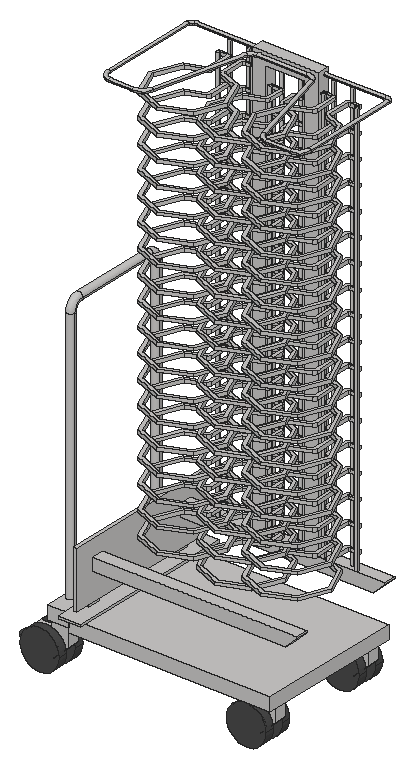
Revit family "QF_ELECTROLUXPROFESSIONAL_922756_TRBA54PL2011C", category Attrezzature speciali, Revit 2020 (continued)
Forms (mm)
  Extrusion 66, solid, material "QF_Finishes_Stainless Steel"
    sketch origin (-166.471, -23.659, 934.272) x (1, 0, 0) y (0, 1, 0)
      loop
        line (432.38, -165.946) -> (494.562, -192.341) -> (527.147, -272.992) -> (493.159, -353.062) -> (412.508, -385.647) -> (332.438, -351.659) -> (299.853, -271.008) -> (333.841, -190.938) -> (390.034, -168.235)
        arc (390.034, -168.235) -> (394.578, -164.555) -> (396.288, -158.963) r 10
        line (396.288, -158.963) -> (396.288, -85.841)
        arc (396.288, -85.841) -> (393.359, -78.77) -> (386.288, -75.841) r 10
        line (386.288, -75.841) -> (353.5, -75.841) -> (353.5, -82.841) -> (381.288, -82.841)
        arc (381.288, -82.841) -> (384.823, -84.305) -> (386.288, -87.841) r 5
        line (386.288, -87.841) -> (386.288, -155.591)
        arc (386.288, -155.591) -> (385.433, -158.386) -> (383.161, -160.226) r 5
        line (383.161, -160.226) -> (326.254, -183.218) -> (289.03, -270.914) -> (324.718, -359.246) -> (412.414, -396.47) -> (500.746, -360.782)
    from 44.728 to 54.728
  Extrusion 67, solid, material "QF_Finishes_Stainless Steel"
    sketch origin (994.581, -23.659, 954) x (-1, 0, 0) y (0, -1, 0)
      loop
        line (506.746, 360.782) -> (418.414, 396.47) -> (330.718, 359.246) -> (295.03, 270.914) -> (332.254, 183.218) -> (389.161, 160.226)
        arc (389.161, 160.226) -> (391.433, 158.386) -> (392.288, 155.591) r 5
        line (392.288, 155.591) -> (392.288, 87.841)
        arc (392.288, 87.841) -> (390.823, 84.305) -> (387.288, 82.841) r 5
        line (387.288, 82.841) -> (359.5, 82.841) -> (359.5, 75.841) -> (392.288, 75.841)
        arc (392.288, 75.841) -> (399.359, 78.77) -> (402.288, 85.841) r 10
        line (402.288, 85.841) -> (402.288, 158.963)
        arc (402.288, 158.963) -> (400.578, 164.555) -> (396.034, 168.235) r 10
        line (396.034, 168.235) -> (339.841, 190.938) -> (305.853, 271.008) -> (338.438, 351.659) -> (418.508, 385.647) -> (499.159, 353.062) -> (533.147, 272.992) -> (500.562, 192.341) -> (438.38, 165.946)
        arc (438.38, 165.946) -> (433.949, 162.261) -> (432.288, 156.741) r 10
        line (432.288, 156.741) -> (432.288, 85.841)
        arc (432.288, 85.841) -> (435.216, 78.77) -> (442.288, 75.841) r 10
        line (442.288, 75.841) -> (475.075, 75.841) -> (475.075, 82.841) -> (447.288, 82.841)
        arc (447.288, 82.841) -> (443.752, 84.305) -> (442.288, 87.841) r 5
        line (442.288, 87.841) -> (442.288, 153.432)
        arc (442.288, 153.432) -> (443.118, 156.192) -> (445.334, 158.034) r 5
        line (445.334, 158.034) -> (508.282, 184.754) -> (543.97, 273.086) -> (506.746, 360.782)
    from 25 to 35
  Extrusion 68, solid, material "QF_Finishes_Stainless Steel"
    sketch origin (0, 0, 820) x (1, 0, 0) y (0, 1, 0)
      loop
        line (500.746, -360.782) -> (537.97, -273.086) -> (502.282, -184.754) -> (439.334, -158.034)
        arc (439.334, -158.034) -> (437.118, -156.192) -> (436.288, -153.432) r 5
        line (436.288, -153.432) -> (436.288, -111.5)
        arc (436.288, -111.5) -> (437.752, -107.964) -> (441.288, -106.5) r 5
        line (441.288, -106.5) -> (469.075, -106.5) -> (469.075, -99.5) -> (436.288, -99.5)
        arc (436.288, -99.5) -> (429.216, -102.429) -> (426.288, -109.5) r 10
        line (426.288, -109.5) -> (426.288, -156.741)
        arc (426.288, -156.741) -> (427.949, -162.261) -> (432.38, -165.946) r 10
        line (432.38, -165.946) -> (494.562, -192.341) -> (527.147, -272.992) -> (493.159, -353.062) -> (412.508, -385.647) -> (332.438, -351.659) -> (299.853, -271.008) -> (333.841, -190.938) -> (390.034, -168.235)
        arc (390.034, -168.235) -> (394.578, -164.555) -> (396.288, -158.963) r 10
        line (396.288, -158.963) -> (396.288, -109.5)
        arc (396.288, -109.5) -> (393.359, -102.429) -> (386.288, -99.5) r 10
        line (386.288, -99.5) -> (353.5, -99.5) -> (353.5, -106.5) -> (381.288, -106.5)
        arc (381.288, -106.5) -> (384.823, -107.964) -> (386.288, -111.5) r 5
        line (386.288, -111.5) -> (386.288, -155.591)
        arc (386.288, -155.591) -> (385.433, -158.386) -> (383.161, -160.226) r 5
        line (383.161, -160.226) -> (326.254, -183.218) -> (289.03, -270.914) -> (324.718, -359.246) -> (412.414, -396.47) -> (500.746, -360.782)
    from 47.621 to 57.621
  Extrusion 69, solid, material "QF_Finishes_Stainless Steel"
    sketch origin (-166.471, -23.659, 860.272) x (1, 0, 0) y (0, 1, 0)
      loop
        line (500.746, -360.782) -> (537.97, -273.086) -> (502.282, -184.754) -> (439.334, -158.034)
        arc (439.334, -158.034) -> (437.118, -156.192) -> (436.288, -153.432) r 5
        line (436.288, -153.432) -> (436.288, -87.841)
        arc (436.288, -87.841) -> (437.752, -84.305) -> (441.288, -82.841) r 5
        line (441.288, -82.841) -> (469.075, -82.841) -> (469.075, -75.841) -> (436.288, -75.841)
        arc (436.288, -75.841) -> (429.216, -78.77) -> (426.288, -85.841) r 10
        line (426.288, -85.841) -> (426.288, -156.741)
        arc (426.288, -156.741) -> (427.949, -162.261) -> (432.38, -165.946) r 10
        line (432.38, -165.946) -> (494.562, -192.341) -> (527.147, -272.992) -> (493.159, -353.062) -> (412.508, -385.647) -> (332.438, -351.659) -> (299.853, -271.008) -> (333.841, -190.938) -> (390.034, -168.235)
        arc (390.034, -168.235) -> (394.578, -164.555) -> (396.288, -158.963) r 10
        line (396.288, -158.963) -> (396.288, -85.841)
        arc (396.288, -85.841) -> (393.359, -78.77) -> (386.288, -75.841) r 10
        line (386.288, -75.841) -> (353.5, -75.841) -> (353.5, -82.841) -> (381.288, -82.841)
        arc (381.288, -82.841) -> (384.823, -84.305) -> (386.288, -87.841) r 5
        line (386.288, -87.841) -> (386.288, -155.591)
        arc (386.288, -155.591) -> (385.433, -158.386) -> (383.161, -160.226) r 5
        line (383.161, -160.226) -> (326.254, -183.218) -> (289.03, -270.914) -> (324.718, -359.246) -> (412.414, -396.47) -> (500.746, -360.782)
    from 44.728 to 54.728
  Extrusion 70, solid, material "QF_Finishes_Stainless Steel"
    sketch origin (994.581, -23.659, 880) x (-1, 0, 0) y (0, -1, 0)
      loop
        line (506.746, 360.782) -> (418.414, 396.47) -> (330.718, 359.246) -> (295.03, 270.914) -> (332.254, 183.218) -> (389.161, 160.226)
        arc (389.161, 160.226) -> (391.433, 158.386) -> (392.288, 155.591) r 5
        line (392.288, 155.591) -> (392.288, 87.841)
        arc (392.288, 87.841) -> (390.823, 84.305) -> (387.288, 82.841) r 5
        line (387.288, 82.841) -> (359.5, 82.841) -> (359.5, 75.841) -> (392.288, 75.841)
        arc (392.288, 75.841) -> (399.359, 78.77) -> (402.288, 85.841) r 10
        line (402.288, 85.841) -> (402.288, 158.963)
        arc (402.288, 158.963) -> (400.578, 164.555) -> (396.034, 168.235) r 10
        line (396.034, 168.235) -> (339.841, 190.938) -> (305.853, 271.008) -> (338.438, 351.659) -> (418.508, 385.647) -> (499.159, 353.062) -> (533.147, 272.992) -> (500.562, 192.341) -> (438.38, 165.946)
        arc (438.38, 165.946) -> (433.949, 162.261) -> (432.288, 156.741) r 10
        line (432.288, 156.741) -> (432.288, 85.841)
        arc (432.288, 85.841) -> (435.216, 78.77) -> (442.288, 75.841) r 10
        line (442.288, 75.841) -> (475.075, 75.841) -> (475.075, 82.841) -> (447.288, 82.841)
        arc (447.288, 82.841) -> (443.752, 84.305) -> (442.288, 87.841) r 5
        line (442.288, 87.841) -> (442.288, 153.432)
        arc (442.288, 153.432) -> (443.118, 156.192) -> (445.334, 158.034) r 5
        line (445.334, 158.034) -> (508.282, 184.754) -> (543.97, 273.086) -> (506.746, 360.782)
    from 25 to 35
  Extrusion 71, solid, material "QF_Finishes_Stainless Steel"
    sketch origin (0, 0, 746) x (1, 0, 0) y (0, 1, 0)
      loop
        line (500.746, -360.782) -> (537.97, -273.086) -> (502.282, -184.754) -> (439.334, -158.034)
        arc (439.334, -158.034) -> (437.118, -156.192) -> (436.288, -153.432) r 5
        line (436.288, -153.432) -> (436.288, -111.5)
        arc (436.288, -111.5) -> (437.752, -107.964) -> (441.288, -106.5) r 5
        line (441.288, -106.5) -> (469.075, -106.5) -> (469.075, -99.5) -> (436.288, -99.5)
        arc (436.288, -99.5) -> (429.216, -102.429) -> (426.288, -109.5) r 10
        line (426.288, -109.5) -> (426.288, -156.741)
        arc (426.288, -156.741) -> (427.949, -162.261) -> (432.38, -165.946) r 10
        line (432.38, -165.946) -> (494.562, -192.341) -> (527.147, -272.992) -> (493.159, -353.062) -> (412.508, -385.647) -> (332.438, -351.659) -> (299.853, -271.008) -> (333.841, -190.938) -> (390.034, -168.235)
        arc (390.034, -168.235) -> (394.578, -164.555) -> (396.288, -158.963) r 10
        line (396.288, -158.963) -> (396.288, -109.5)
        arc (396.288, -109.5) -> (393.359, -102.429) -> (386.288, -99.5) r 10
        line (386.288, -99.5) -> (353.5, -99.5) -> (353.5, -106.5) -> (381.288, -106.5)
        arc (381.288, -106.5) -> (384.823, -107.964) -> (386.288, -111.5) r 5
        line (386.288, -111.5) -> (386.288, -155.591)
        arc (386.288, -155.591) -> (385.433, -158.386) -> (383.161, -160.226) r 5
        line (383.161, -160.226) -> (326.254, -183.218) -> (289.03, -270.914) -> (324.718, -359.246) -> (412.414, -396.47) -> (500.746, -360.782)
    from 47.621 to 57.621
  Extrusion 72, solid, material "QF_Finishes_Stainless Steel"
    sketch origin (-166.471, -23.659, 786.272) x (1, 0, 0) y (0, 1, 0)
      loop
        line (500.746, -360.782) -> (537.97, -273.086) -> (502.282, -184.754) -> (439.334, -158.034)
        arc (439.334, -158.034) -> (437.118, -156.192) -> (436.288, -153.432) r 5
        line (436.288, -153.432) -> (436.288, -87.841)
        arc (436.288, -87.841) -> (437.752, -84.305) -> (441.288, -82.841) r 5
        line (441.288, -82.841) -> (469.075, -82.841) -> (469.075, -75.841) -> (436.288, -75.841)
        arc (436.288, -75.841) -> (429.216, -78.77) -> (426.288, -85.841) r 10
        line (426.288, -85.841) -> (426.288, -156.741)
        arc (426.288, -156.741) -> (427.949, -162.261) -> (432.38, -165.946) r 10
        line (432.38, -165.946) -> (494.562, -192.341) -> (527.147, -272.992) -> (493.159, -353.062) -> (412.508, -385.647) -> (332.438, -351.659) -> (299.853, -271.008) -> (333.841, -190.938) -> (390.034, -168.235)
        arc (390.034, -168.235) -> (394.578, -164.555) -> (396.288, -158.963) r 10
        line (396.288, -158.963) -> (396.288, -85.841)
        arc (396.288, -85.841) -> (393.359, -78.77) -> (386.288, -75.841) r 10
        line (386.288, -75.841) -> (353.5, -75.841) -> (353.5, -82.841) -> (381.288, -82.841)
        arc (381.288, -82.841) -> (384.823, -84.305) -> (386.288, -87.841) r 5
        line (386.288, -87.841) -> (386.288, -155.591)
        arc (386.288, -155.591) -> (385.433, -158.386) -> (383.161, -160.226) r 5
        line (383.161, -160.226) -> (326.254, -183.218) -> (289.03, -270.914) -> (324.718, -359.246) -> (412.414, -396.47) -> (500.746, -360.782)
    from 44.728 to 54.728
  Extrusion 73, solid, material "QF_Finishes_Stainless Steel"
    sketch origin (994.581, -23.659, 806) x (-1, 0, 0) y (0, -1, 0)
      loop
        line (506.746, 360.782) -> (418.414, 396.47) -> (330.718, 359.246) -> (295.03, 270.914) -> (332.254, 183.218) -> (389.161, 160.226)
        arc (389.161, 160.226) -> (391.433, 158.386) -> (392.288, 155.591) r 5
        line (392.288, 155.591) -> (392.288, 87.841)
        arc (392.288, 87.841) -> (390.823, 84.305) -> (387.288, 82.841) r 5
        line (387.288, 82.841) -> (359.5, 82.841) -> (359.5, 75.841) -> (392.288, 75.841)
        arc (392.288, 75.841) -> (399.359, 78.77) -> (402.288, 85.841) r 10
        line (402.288, 85.841) -> (402.288, 158.963)
        arc (402.288, 158.963) -> (400.578, 164.555) -> (396.034, 168.235) r 10
        line (396.034, 168.235) -> (339.841, 190.938) -> (305.853, 271.008) -> (338.438, 351.659) -> (418.508, 385.647) -> (499.159, 353.062) -> (533.147, 272.992) -> (500.562, 192.341) -> (438.38, 165.946)
        arc (438.38, 165.946) -> (433.949, 162.261) -> (432.288, 156.741) r 10
        line (432.288, 156.741) -> (432.288, 85.841)
        arc (432.288, 85.841) -> (435.216, 78.77) -> (442.288, 75.841) r 10
        line (442.288, 75.841) -> (475.075, 75.841) -> (475.075, 82.841) -> (447.288, 82.841)
        arc (447.288, 82.841) -> (443.752, 84.305) -> (442.288, 87.841) r 5
        line (442.288, 87.841) -> (442.288, 153.432)
        arc (442.288, 153.432) -> (443.118, 156.192) -> (445.334, 158.034) r 5
        line (445.334, 158.034) -> (508.282, 184.754) -> (543.97, 273.086) -> (506.746, 360.782)
    from 25 to 35
  Extrusion 74, solid, material "QF_Finishes_Stainless Steel"
    sketch origin (0, 0, 672) x (1, 0, 0) y (0, 1, 0)
      loop
        line (500.746, -360.782) -> (537.97, -273.086) -> (502.282, -184.754) -> (439.334, -158.034)
        arc (439.334, -158.034) -> (437.118, -156.192) -> (436.288, -153.432) r 5
        line (436.288, -153.432) -> (436.288, -111.5)
        arc (436.288, -111.5) -> (437.752, -107.964) -> (441.288, -106.5) r 5
        line (441.288, -106.5) -> (469.075, -106.5) -> (469.075, -99.5) -> (436.288, -99.5)
        arc (436.288, -99.5) -> (429.216, -102.429) -> (426.288, -109.5) r 10
        line (426.288, -109.5) -> (426.288, -156.741)
        arc (426.288, -156.741) -> (427.949, -162.261) -> (432.38, -165.946) r 10
        line (432.38, -165.946) -> (494.562, -192.341) -> (527.147, -272.992) -> (493.159, -353.062) -> (412.508, -385.647) -> (332.438, -351.659) -> (299.853, -271.008) -> (333.841, -190.938) -> (390.034, -168.235)
        arc (390.034, -168.235) -> (394.578, -164.555) -> (396.288, -158.963) r 10
        line (396.288, -158.963) -> (396.288, -109.5)
        arc (396.288, -109.5) -> (393.359, -102.429) -> (386.288, -99.5) r 10
        line (386.288, -99.5) -> (353.5, -99.5) -> (353.5, -106.5) -> (381.288, -106.5)
        arc (381.288, -106.5) -> (384.823, -107.964) -> (386.288, -111.5) r 5
        line (386.288, -111.5) -> (386.288, -155.591)
        arc (386.288, -155.591) -> (385.433, -158.386) -> (383.161, -160.226) r 5
        line (383.161, -160.226) -> (326.254, -183.218) -> (289.03, -270.914) -> (324.718, -359.246) -> (412.414, -396.47) -> (500.746, -360.782)
    from 47.621 to 57.621
  Extrusion 75, solid, material "QF_Finishes_Stainless Steel"
    sketch origin (-166.471, -23.659, 712.272) x (1, 0, 0) y (0, 1, 0)
      loop
        line (500.746, -360.782) -> (537.97, -273.086) -> (502.282, -184.754) -> (439.334, -158.034)
        arc (439.334, -158.034) -> (437.118, -156.192) -> (436.288, -153.432) r 5
        line (436.288, -153.432) -> (436.288, -87.841)
        arc (436.288, -87.841) -> (437.752, -84.305) -> (441.288, -82.841) r 5
        line (441.288, -82.841) -> (469.075, -82.841) -> (469.075, -75.841) -> (436.288, -75.841)
        arc (436.288, -75.841) -> (429.216, -78.77) -> (426.288, -85.841) r 10
        line (426.288, -85.841) -> (426.288, -156.741)
        arc (426.288, -156.741) -> (427.949, -162.261) -> (432.38, -165.946) r 10
        line (432.38, -165.946) -> (494.562, -192.341) -> (527.147, -272.992) -> (493.159, -353.062) -> (412.508, -385.647) -> (332.438, -351.659) -> (299.853, -271.008) -> (333.841, -190.938) -> (390.034, -168.235)
        arc (390.034, -168.235) -> (394.578, -164.555) -> (396.288, -158.963) r 10
        line (396.288, -158.963) -> (396.288, -85.841)
        arc (396.288, -85.841) -> (393.359, -78.77) -> (386.288, -75.841) r 10
        line (386.288, -75.841) -> (353.5, -75.841) -> (353.5, -82.841) -> (381.288, -82.841)
        arc (381.288, -82.841) -> (384.823, -84.305) -> (386.288, -87.841) r 5
        line (386.288, -87.841) -> (386.288, -155.591)
        arc (386.288, -155.591) -> (385.433, -158.386) -> (383.161, -160.226) r 5
        line (383.161, -160.226) -> (326.254, -183.218) -> (289.03, -270.914) -> (324.718, -359.246) -> (412.414, -396.47) -> (500.746, -360.782)
    from 44.728 to 54.728
  Extrusion 76, solid, material "QF_Finishes_Stainless Steel"
    sketch origin (994.581, -23.659, 732) x (-1, 0, 0) y (0, -1, 0)
      loop
        line (506.746, 360.782) -> (418.414, 396.47) -> (330.718, 359.246) -> (295.03, 270.914) -> (332.254, 183.218) -> (389.161, 160.226)
        arc (389.161, 160.226) -> (391.433, 158.386) -> (392.288, 155.591) r 5
        line (392.288, 155.591) -> (392.288, 87.841)
        arc (392.288, 87.841) -> (390.823, 84.305) -> (387.288, 82.841) r 5
        line (387.288, 82.841) -> (359.5, 82.841) -> (359.5, 75.841) -> (392.288, 75.841)
        arc (392.288, 75.841) -> (399.359, 78.77) -> (402.288, 85.841) r 10
        line (402.288, 85.841) -> (402.288, 158.963)
        arc (402.288, 158.963) -> (400.578, 164.555) -> (396.034, 168.235) r 10
        line (396.034, 168.235) -> (339.841, 190.938) -> (305.853, 271.008) -> (338.438, 351.659) -> (418.508, 385.647) -> (499.159, 353.062) -> (533.147, 272.992) -> (500.562, 192.341) -> (438.38, 165.946)
        arc (438.38, 165.946) -> (433.949, 162.261) -> (432.288, 156.741) r 10
        line (432.288, 156.741) -> (432.288, 85.841)
        arc (432.288, 85.841) -> (435.216, 78.77) -> (442.288, 75.841) r 10
        line (442.288, 75.841) -> (475.075, 75.841) -> (475.075, 82.841) -> (447.288, 82.841)
        arc (447.288, 82.841) -> (443.752, 84.305) -> (442.288, 87.841) r 5
        line (442.288, 87.841) -> (442.288, 153.432)
        arc (442.288, 153.432) -> (443.118, 156.192) -> (445.334, 158.034) r 5
        line (445.334, 158.034) -> (508.282, 184.754) -> (543.97, 273.086) -> (506.746, 360.782)
    from 25 to 35
  Extrusion 77, solid, material "QF_Finishes_Stainless Steel"
    sketch origin (0, 0, 598) x (1, 0, 0) y (0, 1, 0)
      loop
        line (500.746, -360.782) -> (537.97, -273.086) -> (502.282, -184.754) -> (439.334, -158.034)
        arc (439.334, -158.034) -> (437.118, -156.192) -> (436.288, -153.432) r 5
        line (436.288, -153.432) -> (436.288, -111.5)
        arc (436.288, -111.5) -> (437.752, -107.964) -> (441.288, -106.5) r 5
        line (441.288, -106.5) -> (469.075, -106.5) -> (469.075, -99.5) -> (436.288, -99.5)
        arc (436.288, -99.5) -> (429.216, -102.429) -> (426.288, -109.5) r 10
        line (426.288, -109.5) -> (426.288, -156.741)
        arc (426.288, -156.741) -> (427.949, -162.261) -> (432.38, -165.946) r 10
        line (432.38, -165.946) -> (494.562, -192.341) -> (527.147, -272.992) -> (493.159, -353.062) -> (412.508, -385.647) -> (332.438, -351.659) -> (299.853, -271.008) -> (333.841, -190.938) -> (390.034, -168.235)
        arc (390.034, -168.235) -> (394.578, -164.555) -> (396.288, -158.963) r 10
        line (396.288, -158.963) -> (396.288, -109.5)
        arc (396.288, -109.5) -> (393.359, -102.429) -> (386.288, -99.5) r 10
        line (386.288, -99.5) -> (353.5, -99.5) -> (353.5, -106.5) -> (381.288, -106.5)
        arc (381.288, -106.5) -> (384.823, -107.964) -> (386.288, -111.5) r 5
        line (386.288, -111.5) -> (386.288, -155.591)
        arc (386.288, -155.591) -> (385.433, -158.386) -> (383.161, -160.226) r 5
        line (383.161, -160.226) -> (326.254, -183.218) -> (289.03, -270.914) -> (324.718, -359.246) -> (412.414, -396.47) -> (500.746, -360.782)
    from 47.621 to 57.621
  Extrusion 78, solid, material "QF_Finishes_Stainless Steel"
    sketch origin (-166.471, -23.659, 638.272) x (1, 0, 0) y (0, 1, 0)
      loop
        line (500.746, -360.782) -> (537.97, -273.086) -> (502.282, -184.754) -> (439.334, -158.034)
        arc (439.334, -158.034) -> (437.118, -156.192) -> (436.288, -153.432) r 5
        line (436.288, -153.432) -> (436.288, -87.841)
        arc (436.288, -87.841) -> (437.752, -84.305) -> (441.288, -82.841) r 5
        line (441.288, -82.841) -> (469.075, -82.841) -> (469.075, -75.841) -> (436.288, -75.841)
        arc (436.288, -75.841) -> (429.216, -78.77) -> (426.288, -85.841) r 10
        line (426.288, -85.841) -> (426.288, -156.741)
        arc (426.288, -156.741) -> (427.949, -162.261) -> (432.38, -165.946) r 10
        line (432.38, -165.946) -> (494.562, -192.341) -> (527.147, -272.992) -> (493.159, -353.062) -> (412.508, -385.647) -> (332.438, -351.659) -> (299.853, -271.008) -> (333.841, -190.938) -> (390.034, -168.235)
        arc (390.034, -168.235) -> (394.578, -164.555) -> (396.288, -158.963) r 10
        line (396.288, -158.963) -> (396.288, -85.841)
        arc (396.288, -85.841) -> (393.359, -78.77) -> (386.288, -75.841) r 10
        line (386.288, -75.841) -> (353.5, -75.841) -> (353.5, -82.841) -> (381.288, -82.841)
        arc (381.288, -82.841) -> (384.823, -84.305) -> (386.288, -87.841) r 5
        line (386.288, -87.841) -> (386.288, -155.591)
        arc (386.288, -155.591) -> (385.433, -158.386) -> (383.161, -160.226) r 5
        line (383.161, -160.226) -> (326.254, -183.218) -> (289.03, -270.914) -> (324.718, -359.246) -> (412.414, -396.47) -> (500.746, -360.782)
    from 44.728 to 54.728
  Extrusion 79, solid, material "QF_Finishes_Stainless Steel"
    sketch origin (994.581, -23.659, 658) x (-1, 0, 0) y (0, -1, 0)
      loop
        line (506.746, 360.782) -> (418.414, 396.47) -> (330.718, 359.246) -> (295.03, 270.914) -> (332.254, 183.218) -> (389.161, 160.226)
        arc (389.161, 160.226) -> (391.433, 158.386) -> (392.288, 155.591) r 5
        line (392.288, 155.591) -> (392.288, 87.841)
        arc (392.288, 87.841) -> (390.823, 84.305) -> (387.288, 82.841) r 5
        line (387.288, 82.841) -> (359.5, 82.841) -> (359.5, 75.841) -> (392.288, 75.841)
        arc (392.288, 75.841) -> (399.359, 78.77) -> (402.288, 85.841) r 10
        line (402.288, 85.841) -> (402.288, 158.963)
        arc (402.288, 158.963) -> (400.578, 164.555) -> (396.034, 168.235) r 10
        line (396.034, 168.235) -> (339.841, 190.938) -> (305.853, 271.008) -> (338.438, 351.659) -> (418.508, 385.647) -> (499.159, 353.062) -> (533.147, 272.992) -> (500.562, 192.341) -> (438.38, 165.946)
        arc (438.38, 165.946) -> (433.949, 162.261) -> (432.288, 156.741) r 10
        line (432.288, 156.741) -> (432.288, 85.841)
        arc (432.288, 85.841) -> (435.216, 78.77) -> (442.288, 75.841) r 10
        line (442.288, 75.841) -> (475.075, 75.841) -> (475.075, 82.841) -> (447.288, 82.841)
        arc (447.288, 82.841) -> (443.752, 84.305) -> (442.288, 87.841) r 5
        line (442.288, 87.841) -> (442.288, 153.432)
        arc (442.288, 153.432) -> (443.118, 156.192) -> (445.334, 158.034) r 5
        line (445.334, 158.034) -> (508.282, 184.754) -> (543.97, 273.086) -> (506.746, 360.782)
    from 25 to 35
  Extrusion 80, solid, material "QF_Finishes_Stainless Steel"
    sketch origin (0, 0, 524) x (1, 0, 0) y (0, 1, 0)
      loop
        line (500.746, -360.782) -> (537.97, -273.086) -> (502.282, -184.754) -> (439.334, -158.034)
        arc (439.334, -158.034) -> (437.118, -156.192) -> (436.288, -153.432) r 5
        line (436.288, -153.432) -> (436.288, -111.5)
        arc (436.288, -111.5) -> (437.752, -107.964) -> (441.288, -106.5) r 5
        line (441.288, -106.5) -> (469.075, -106.5) -> (469.075, -99.5) -> (436.288, -99.5)
        arc (436.288, -99.5) -> (429.216, -102.429) -> (426.288, -109.5) r 10
        line (426.288, -109.5) -> (426.288, -156.741)
        arc (426.288, -156.741) -> (427.949, -162.261) -> (432.38, -165.946) r 10
        line (432.38, -165.946) -> (494.562, -192.341) -> (527.147, -272.992) -> (493.159, -353.062) -> (412.508, -385.647) -> (332.438, -351.659) -> (299.853, -271.008) -> (333.841, -190.938) -> (390.034, -168.235)
        arc (390.034, -168.235) -> (394.578, -164.555) -> (396.288, -158.963) r 10
        line (396.288, -158.963) -> (396.288, -109.5)
        arc (396.288, -109.5) -> (393.359, -102.429) -> (386.288, -99.5) r 10
        line (386.288, -99.5) -> (353.5, -99.5) -> (353.5, -106.5) -> (381.288, -106.5)
        arc (381.288, -106.5) -> (384.823, -107.964) -> (386.288, -111.5) r 5
        line (386.288, -111.5) -> (386.288, -155.591)
        arc (386.288, -155.591) -> (385.433, -158.386) -> (383.161, -160.226) r 5
        line (383.161, -160.226) -> (326.254, -183.218) -> (289.03, -270.914) -> (324.718, -359.246) -> (412.414, -396.47) -> (500.746, -360.782)
    from 47.621 to 57.621
  Extrusion 81, solid, material "QF_Finishes_Stainless Steel"
    sketch origin (-166.471, -23.659, 564.272) x (1, 0, 0) y (0, 1, 0)
      loop
        line (500.746, -360.782) -> (537.97, -273.086) -> (502.282, -184.754) -> (439.334, -158.034)
        arc (439.334, -158.034) -> (437.118, -156.192) -> (436.288, -153.432) r 5
        line (436.288, -153.432) -> (436.288, -87.841)
        arc (436.288, -87.841) -> (437.752, -84.305) -> (441.288, -82.841) r 5
        line (441.288, -82.841) -> (469.075, -82.841) -> (469.075, -75.841) -> (436.288, -75.841)
        arc (436.288, -75.841) -> (429.216, -78.77) -> (426.288, -85.841) r 10
        line (426.288, -85.841) -> (426.288, -156.741)
        arc (426.288, -156.741) -> (427.949, -162.261) -> (432.38, -165.946) r 10
        line (432.38, -165.946) -> (494.562, -192.341) -> (527.147, -272.992) -> (493.159, -353.062) -> (412.508, -385.647) -> (332.438, -351.659) -> (299.853, -271.008) -> (333.841, -190.938) -> (390.034, -168.235)
        arc (390.034, -168.235) -> (394.578, -164.555) -> (396.288, -158.963) r 10
        line (396.288, -158.963) -> (396.288, -85.841)
        arc (396.288, -85.841) -> (393.359, -78.77) -> (386.288, -75.841) r 10
        line (386.288, -75.841) -> (353.5, -75.841) -> (353.5, -82.841) -> (381.288, -82.841)
        arc (381.288, -82.841) -> (384.823, -84.305) -> (386.288, -87.841) r 5
        line (386.288, -87.841) -> (386.288, -155.591)
        arc (386.288, -155.591) -> (385.433, -158.386) -> (383.161, -160.226) r 5
        line (383.161, -160.226) -> (326.254, -183.218) -> (289.03, -270.914) -> (324.718, -359.246) -> (412.414, -396.47) -> (500.746, -360.782)
    from 44.728 to 54.728
  Extrusion 82, solid, material "QF_Finishes_Stainless Steel"
    sketch origin (994.581, -23.659, 584) x (-1, 0, 0) y (0, -1, 0)
      loop
        line (506.746, 360.782) -> (418.414, 396.47) -> (330.718, 359.246) -> (295.03, 270.914) -> (332.254, 183.218) -> (389.161, 160.226)
        arc (389.161, 160.226) -> (391.433, 158.386) -> (392.288, 155.591) r 5
        line (392.288, 155.591) -> (392.288, 87.841)
        arc (392.288, 87.841) -> (390.823, 84.305) -> (387.288, 82.841) r 5
        line (387.288, 82.841) -> (359.5, 82.841) -> (359.5, 75.841) -> (392.288, 75.841)
        arc (392.288, 75.841) -> (399.359, 78.77) -> (402.288, 85.841) r 10
        line (402.288, 85.841) -> (402.288, 158.963)
        arc (402.288, 158.963) -> (400.578, 164.555) -> (396.034, 168.235) r 10
        line (396.034, 168.235) -> (339.841, 190.938) -> (305.853, 271.008) -> (338.438, 351.659) -> (418.508, 385.647) -> (499.159, 353.062) -> (533.147, 272.992) -> (500.562, 192.341) -> (438.38, 165.946)
        arc (438.38, 165.946) -> (433.949, 162.261) -> (432.288, 156.741) r 10
        line (432.288, 156.741) -> (432.288, 85.841)
        arc (432.288, 85.841) -> (435.216, 78.77) -> (442.288, 75.841) r 10
        line (442.288, 75.841) -> (475.075, 75.841) -> (475.075, 82.841) -> (447.288, 82.841)
        arc (447.288, 82.841) -> (443.752, 84.305) -> (442.288, 87.841) r 5
        line (442.288, 87.841) -> (442.288, 153.432)
        arc (442.288, 153.432) -> (443.118, 156.192) -> (445.334, 158.034) r 5
        line (445.334, 158.034) -> (508.282, 184.754) -> (543.97, 273.086) -> (506.746, 360.782)
    from 25 to 35
  Extrusion 83, solid, material "QF_Finishes_Stainless Steel"
    sketch origin (0, 0, 450) x (1, 0, 0) y (0, 1, 0)
      loop
        line (500.746, -360.782) -> (537.97, -273.086) -> (502.282, -184.754) -> (439.334, -158.034)
        arc (439.334, -158.034) -> (437.118, -156.192) -> (436.288, -153.432) r 5
        line (436.288, -153.432) -> (436.288, -111.5)
        arc (436.288, -111.5) -> (437.752, -107.964) -> (441.288, -106.5) r 5
        line (441.288, -106.5) -> (469.075, -106.5) -> (469.075, -99.5) -> (436.288, -99.5)
        arc (436.288, -99.5) -> (429.216, -102.429) -> (426.288, -109.5) r 10
        line (426.288, -109.5) -> (426.288, -156.741)
        arc (426.288, -156.741) -> (427.949, -162.261) -> (432.38, -165.946) r 10
        line (432.38, -165.946) -> (494.562, -192.341) -> (527.147, -272.992) -> (493.159, -353.062) -> (412.508, -385.647) -> (332.438, -351.659) -> (299.853, -271.008) -> (333.841, -190.938) -> (390.034, -168.235)
        arc (390.034, -168.235) -> (394.578, -164.555) -> (396.288, -158.963) r 10
        line (396.288, -158.963) -> (396.288, -109.5)
        arc (396.288, -109.5) -> (393.359, -102.429) -> (386.288, -99.5) r 10
        line (386.288, -99.5) -> (353.5, -99.5) -> (353.5, -106.5) -> (381.288, -106.5)
        arc (381.288, -106.5) -> (384.823, -107.964) -> (386.288, -111.5) r 5
        line (386.288, -111.5) -> (386.288, -155.591)
        arc (386.288, -155.591) -> (385.433, -158.386) -> (383.161, -160.226) r 5
        line (383.161, -160.226) -> (326.254, -183.218) -> (289.03, -270.914) -> (324.718, -359.246) -> (412.414, -396.47) -> (500.746, -360.782)
    from 47.621 to 57.621
  Extrusion 84, solid, material "QF_Finishes_Stainless Steel"
    sketch origin (-166.471, -23.659, 490.272) x (1, 0, 0) y (0, 1, 0)
      loop
        line (500.746, -360.782) -> (537.97, -273.086) -> (502.282, -184.754) -> (439.334, -158.034)
        arc (439.334, -158.034) -> (437.118, -156.192) -> (436.288, -153.432) r 5
        line (436.288, -153.432) -> (436.288, -87.841)
        arc (436.288, -87.841) -> (437.752, -84.305) -> (441.288, -82.841) r 5
        line (441.288, -82.841) -> (469.075, -82.841) -> (469.075, -75.841) -> (436.288, -75.841)
        arc (436.288, -75.841) -> (429.216, -78.77) -> (426.288, -85.841) r 10
        line (426.288, -85.841) -> (426.288, -156.741)
        arc (426.288, -156.741) -> (427.949, -162.261) -> (432.38, -165.946) r 10
        line (432.38, -165.946) -> (494.562, -192.341) -> (527.147, -272.992) -> (493.159, -353.062) -> (412.508, -385.647) -> (332.438, -351.659) -> (299.853, -271.008) -> (333.841, -190.938) -> (390.034, -168.235)
        arc (390.034, -168.235) -> (394.578, -164.555) -> (396.288, -158.963) r 10
        line (396.288, -158.963) -> (396.288, -85.841)
        arc (396.288, -85.841) -> (393.359, -78.77) -> (386.288, -75.841) r 10
        line (386.288, -75.841) -> (353.5, -75.841) -> (353.5, -82.841) -> (381.288, -82.841)
        arc (381.288, -82.841) -> (384.823, -84.305) -> (386.288, -87.841) r 5
        line (386.288, -87.841) -> (386.288, -155.591)
        arc (386.288, -155.591) -> (385.433, -158.386) -> (383.161, -160.226) r 5
        line (383.161, -160.226) -> (326.254, -183.218) -> (289.03, -270.914) -> (324.718, -359.246) -> (412.414, -396.47) -> (500.746, -360.782)
    from 44.728 to 54.728
  Extrusion 85, solid, material "QF_Finishes_Stainless Steel"
    sketch origin (994.581, -23.659, 510) x (-1, 0, 0) y (0, -1, 0)
      loop
        line (506.746, 360.782) -> (418.414, 396.47) -> (330.718, 359.246) -> (295.03, 270.914) -> (332.254, 183.218) -> (389.161, 160.226)
        arc (389.161, 160.226) -> (391.433, 158.386) -> (392.288, 155.591) r 5
        line (392.288, 155.591) -> (392.288, 87.841)
        arc (392.288, 87.841) -> (390.823, 84.305) -> (387.288, 82.841) r 5
        line (387.288, 82.841) -> (359.5, 82.841) -> (359.5, 75.841) -> (392.288, 75.841)
        arc (392.288, 75.841) -> (399.359, 78.77) -> (402.288, 85.841) r 10
        line (402.288, 85.841) -> (402.288, 158.963)
        arc (402.288, 158.963) -> (400.578, 164.555) -> (396.034, 168.235) r 10
        line (396.034, 168.235) -> (339.841, 190.938) -> (305.853, 271.008) -> (338.438, 351.659) -> (418.508, 385.647) -> (499.159, 353.062) -> (533.147, 272.992) -> (500.562, 192.341) -> (438.38, 165.946)
        arc (438.38, 165.946) -> (433.949, 162.261) -> (432.288, 156.741) r 10
        line (432.288, 156.741) -> (432.288, 85.841)
        arc (432.288, 85.841) -> (435.216, 78.77) -> (442.288, 75.841) r 10
        line (442.288, 75.841) -> (475.075, 75.841) -> (475.075, 82.841) -> (447.288, 82.841)
        arc (447.288, 82.841) -> (443.752, 84.305) -> (442.288, 87.841) r 5
        line (442.288, 87.841) -> (442.288, 153.432)
        arc (442.288, 153.432) -> (443.118, 156.192) -> (445.334, 158.034) r 5
        line (445.334, 158.034) -> (508.282, 184.754) -> (543.97, 273.086) -> (506.746, 360.782)
    from 25 to 35
  Extrusion 86, solid, material "QF_Finishes_Stainless Steel"
    sketch origin (0, 0, 376) x (1, 0, 0) y (0, 1, 0)
      loop
        line (500.746, -360.782) -> (537.97, -273.086) -> (502.282, -184.754) -> (439.334, -158.034)
        arc (439.334, -158.034) -> (437.118, -156.192) -> (436.288, -153.432) r 5
        line (436.288, -153.432) -> (436.288, -111.5)
        arc (436.288, -111.5) -> (437.752, -107.964) -> (441.288, -106.5) r 5
        line (441.288, -106.5) -> (469.075, -106.5) -> (469.075, -99.5) -> (436.288, -99.5)
        arc (436.288, -99.5) -> (429.216, -102.429) -> (426.288, -109.5) r 10
        line (426.288, -109.5) -> (426.288, -156.741)
        arc (426.288, -156.741) -> (427.949, -162.261) -> (432.38, -165.946) r 10
        line (432.38, -165.946) -> (494.562, -192.341) -> (527.147, -272.992) -> (493.159, -353.062) -> (412.508, -385.647) -> (332.438, -351.659) -> (299.853, -271.008) -> (333.841, -190.938) -> (390.034, -168.235)
        arc (390.034, -168.235) -> (394.578, -164.555) -> (396.288, -158.963) r 10
        line (396.288, -158.963) -> (396.288, -109.5)
        arc (396.288, -109.5) -> (393.359, -102.429) -> (386.288, -99.5) r 10
        line (386.288, -99.5) -> (353.5, -99.5) -> (353.5, -106.5) -> (381.288, -106.5)
        arc (381.288, -106.5) -> (384.823, -107.964) -> (386.288, -111.5) r 5
        line (386.288, -111.5) -> (386.288, -155.591)
        arc (386.288, -155.591) -> (385.433, -158.386) -> (383.161, -160.226) r 5
        line (383.161, -160.226) -> (326.254, -183.218) -> (289.03, -270.914) -> (324.718, -359.246) -> (412.414, -396.47) -> (500.746, -360.782)
    from 47.621 to 57.621
  Extrusion 87, solid, material "QF_Finishes_Stainless Steel"
    sketch origin (-166.471, -23.659, 416.272) x (1, 0, 0) y (0, 1, 0)
      loop
        line (500.746, -360.782) -> (537.97, -273.086) -> (502.282, -184.754) -> (439.334, -158.034)
        arc (439.334, -158.034) -> (437.118, -156.192) -> (436.288, -153.432) r 5
        line (436.288, -153.432) -> (436.288, -87.841)
        arc (436.288, -87.841) -> (437.752, -84.305) -> (441.288, -82.841) r 5
        line (441.288, -82.841) -> (469.075, -82.841) -> (469.075, -75.841) -> (436.288, -75.841)
        arc (436.288, -75.841) -> (429.216, -78.77) -> (426.288, -85.841) r 10
        line (426.288, -85.841) -> (426.288, -156.741)
        arc (426.288, -156.741) -> (427.949, -162.261) -> (432.38, -165.946) r 10
        line (432.38, -165.946) -> (494.562, -192.341) -> (527.147, -272.992) -> (493.159, -353.062) -> (412.508, -385.647) -> (332.438, -351.659) -> (299.853, -271.008) -> (333.841, -190.938) -> (390.034, -168.235)
        arc (390.034, -168.235) -> (394.578, -164.555) -> (396.288, -158.963) r 10
        line (396.288, -158.963) -> (396.288, -85.841)
        arc (396.288, -85.841) -> (393.359, -78.77) -> (386.288, -75.841) r 10
        line (386.288, -75.841) -> (353.5, -75.841) -> (353.5, -82.841) -> (381.288, -82.841)
        arc (381.288, -82.841) -> (384.823, -84.305) -> (386.288, -87.841) r 5
        line (386.288, -87.841) -> (386.288, -155.591)
        arc (386.288, -155.591) -> (385.433, -158.386) -> (383.161, -160.226) r 5
        line (383.161, -160.226) -> (326.254, -183.218) -> (289.03, -270.914) -> (324.718, -359.246) -> (412.414, -396.47) -> (500.746, -360.782)
    from 44.728 to 54.728
  Extrusion 88, solid, material "QF_Finishes_Stainless Steel"
    sketch origin (994.581, -23.659, 436) x (-1, 0, 0) y (0, -1, 0)
      loop
        line (506.746, 360.782) -> (418.414, 396.47) -> (330.718, 359.246) -> (295.03, 270.914) -> (332.254, 183.218) -> (389.161, 160.226)
        arc (389.161, 160.226) -> (391.433, 158.386) -> (392.288, 155.591) r 5
        line (392.288, 155.591) -> (392.288, 87.841)
        arc (392.288, 87.841) -> (390.823, 84.305) -> (387.288, 82.841) r 5
        line (387.288, 82.841) -> (359.5, 82.841) -> (359.5, 75.841) -> (392.288, 75.841)
        arc (392.288, 75.841) -> (399.359, 78.77) -> (402.288, 85.841) r 10
        line (402.288, 85.841) -> (402.288, 158.963)
        arc (402.288, 158.963) -> (400.578, 164.555) -> (396.034, 168.235) r 10
        line (396.034, 168.235) -> (339.841, 190.938) -> (305.853, 271.008) -> (338.438, 351.659) -> (418.508, 385.647) -> (499.159, 353.062) -> (533.147, 272.992) -> (500.562, 192.341) -> (438.38, 165.946)
        arc (438.38, 165.946) -> (433.949, 162.261) -> (432.288, 156.741) r 10
        line (432.288, 156.741) -> (432.288, 85.841)
        arc (432.288, 85.841) -> (435.216, 78.77) -> (442.288, 75.841) r 10
        line (442.288, 75.841) -> (475.075, 75.841) -> (475.075, 82.841) -> (447.288, 82.841)
        arc (447.288, 82.841) -> (443.752, 84.305) -> (442.288, 87.841) r 5
        line (442.288, 87.841) -> (442.288, 153.432)
        arc (442.288, 153.432) -> (443.118, 156.192) -> (445.334, 158.034) r 5
        line (445.334, 158.034) -> (508.282, 184.754) -> (543.97, 273.086) -> (506.746, 360.782)
    from 25 to 35
  Extrusion 89, solid, material "QF_Finishes_Stainless Steel"
    sketch origin (0, 0, 302) x (1, 0, 0) y (0, 1, 0)
      loop
        line (500.746, -360.782) -> (537.97, -273.086) -> (502.282, -184.754) -> (439.334, -158.034)
        arc (439.334, -158.034) -> (437.118, -156.192) -> (436.288, -153.432) r 5
        line (436.288, -153.432) -> (436.288, -111.5)
        arc (436.288, -111.5) -> (437.752, -107.964) -> (441.288, -106.5) r 5
        line (441.288, -106.5) -> (469.075, -106.5) -> (469.075, -99.5) -> (436.288, -99.5)
        arc (436.288, -99.5) -> (429.216, -102.429) -> (426.288, -109.5) r 10
        line (426.288, -109.5) -> (426.288, -156.741)
        arc (426.288, -156.741) -> (427.949, -162.261) -> (432.38, -165.946) r 10
        line (432.38, -165.946) -> (494.562, -192.341) -> (527.147, -272.992) -> (493.159, -353.062) -> (412.508, -385.647) -> (332.438, -351.659) -> (299.853, -271.008) -> (333.841, -190.938) -> (390.034, -168.235)
        arc (390.034, -168.235) -> (394.578, -164.555) -> (396.288, -158.963) r 10
        line (396.288, -158.963) -> (396.288, -109.5)
        arc (396.288, -109.5) -> (393.359, -102.429) -> (386.288, -99.5) r 10
        line (386.288, -99.5) -> (353.5, -99.5) -> (353.5, -106.5) -> (381.288, -106.5)
        arc (381.288, -106.5) -> (384.823, -107.964) -> (386.288, -111.5) r 5
        line (386.288, -111.5) -> (386.288, -155.591)
        arc (386.288, -155.591) -> (385.433, -158.386) -> (383.161, -160.226) r 5
        line (383.161, -160.226) -> (326.254, -183.218) -> (289.03, -270.914) -> (324.718, -359.246) -> (412.414, -396.47) -> (500.746, -360.782)
    from 47.621 to 57.621
  Extrusion 90, solid, material "QF_Finishes_Stainless Steel"
    sketch origin (-166.471, -23.659, 342.272) x (1, 0, 0) y (0, 1, 0)
      loop
        line (500.746, -360.782) -> (537.97, -273.086) -> (502.282, -184.754) -> (439.334, -158.034)
        arc (439.334, -158.034) -> (437.118, -156.192) -> (436.288, -153.432) r 5
        line (436.288, -153.432) -> (436.288, -87.841)
        arc (436.288, -87.841) -> (437.752, -84.305) -> (441.288, -82.841) r 5
        line (441.288, -82.841) -> (469.075, -82.841) -> (469.075, -75.841) -> (436.288, -75.841)
        arc (436.288, -75.841) -> (429.216, -78.77) -> (426.288, -85.841) r 10
        line (426.288, -85.841) -> (426.288, -156.741)
        arc (426.288, -156.741) -> (427.949, -162.261) -> (432.38, -165.946) r 10
        line (432.38, -165.946) -> (494.562, -192.341) -> (527.147, -272.992) -> (493.159, -353.062) -> (412.508, -385.647) -> (332.438, -351.659) -> (299.853, -271.008) -> (333.841, -190.938) -> (390.034, -168.235)
        arc (390.034, -168.235) -> (394.578, -164.555) -> (396.288, -158.963) r 10
        line (396.288, -158.963) -> (396.288, -85.841)
        arc (396.288, -85.841) -> (393.359, -78.77) -> (386.288, -75.841) r 10
        line (386.288, -75.841) -> (353.5, -75.841) -> (353.5, -82.841) -> (381.288, -82.841)
        arc (381.288, -82.841) -> (384.823, -84.305) -> (386.288, -87.841) r 5
        line (386.288, -87.841) -> (386.288, -155.591)
        arc (386.288, -155.591) -> (385.433, -158.386) -> (383.161, -160.226) r 5
        line (383.161, -160.226) -> (326.254, -183.218) -> (289.03, -270.914) -> (324.718, -359.246) -> (412.414, -396.47) -> (500.746, -360.782)
    from 44.728 to 54.728
  Extrusion 91, solid, material "QF_Finishes_Stainless Steel"
    sketch origin (994.581, -23.659, 362) x (-1, 0, 0) y (0, -1, 0)
      loop
        line (506.746, 360.782) -> (418.414, 396.47) -> (330.718, 359.246) -> (295.03, 270.914) -> (332.254, 183.218) -> (389.161, 160.226)
        arc (389.161, 160.226) -> (391.433, 158.386) -> (392.288, 155.591) r 5
        line (392.288, 155.591) -> (392.288, 87.841)
        arc (392.288, 87.841) -> (390.823, 84.305) -> (387.288, 82.841) r 5
        line (387.288, 82.841) -> (359.5, 82.841) -> (359.5, 75.841) -> (392.288, 75.841)
        arc (392.288, 75.841) -> (399.359, 78.77) -> (402.288, 85.841) r 10
        line (402.288, 85.841) -> (402.288, 158.963)
        arc (402.288, 158.963) -> (400.578, 164.555) -> (396.034, 168.235) r 10
        line (396.034, 168.235) -> (339.841, 190.938) -> (305.853, 271.008) -> (338.438, 351.659) -> (418.508, 385.647) -> (499.159, 353.062) -> (533.147, 272.992) -> (500.562, 192.341) -> (438.38, 165.946)
        arc (438.38, 165.946) -> (433.949, 162.261) -> (432.288, 156.741) r 10
        line (432.288, 156.741) -> (432.288, 85.841)
        arc (432.288, 85.841) -> (435.216, 78.77) -> (442.288, 75.841) r 10
        line (442.288, 75.841) -> (475.075, 75.841) -> (475.075, 82.841) -> (447.288, 82.841)
        arc (447.288, 82.841) -> (443.752, 84.305) -> (442.288, 87.841) r 5
        line (442.288, 87.841) -> (442.288, 153.432)
        arc (442.288, 153.432) -> (443.118, 156.192) -> (445.334, 158.034) r 5
        line (445.334, 158.034) -> (508.282, 184.754) -> (543.97, 273.086) -> (506.746, 360.782)
    from 25 to 35
Cuts and joins
  joined: Extrusion 5, Extrusion 9, Extrusion 10
Dimensions and locks
  plane 4 "LEFT" to plane 5 "RIGHT" = 869 mm
  plane 3 "FRONT" to plane 1 "Back" = 544 mm
  equal spacing: plane 4 "LEFT", plane 6, plane 5 "RIGHT"
  equal spacing: plane 3 "FRONT", plane 7 "Centro Avanti/Indietro", plane 1 "Back"
  plane 8 to plane 2 = 1039 mm
  locked: plane 9 to plane 2 at 130
  plane 10 to plane 2 = 303 mm
  plane 11 to plane 2 = 62.5 mm
  equal spacing: plane 12, plane 7 "Centro Avanti/Indietro", plane 13
  plane 12 to plane 13 = 467 mm
  locked: plane 12 to Sweep 11 sketch curve at 65
  locked: Sweep 11 sketch curve to plane 13 at 65
  locked: plane 13 to Extrusion 6 sketch curve at 20
  locked: Extrusion 6 sketch curve to plane 12 at 20
  locked: plane 15 to plane 13 at 60
  locked: plane 12 to plane 14 at 60
  equal spacing: plane 16, plane 7 "Centro Avanti/Indietro", plane 17
  plane 16 to plane 17 = 416 mm
  equal spacing: plane 18, plane 7 "Centro Avanti/Indietro", plane 19
  plane 18 to plane 19 = 367 mm
  plane 2 to plane 20 = 1714 mm
  aligned and locked: level to plane 2
  aligned and locked: Extrusion 3 sketch curve to plane 12
  aligned and locked: plane 13 to Extrusion 3 sketch curve
  aligned and locked: plane 9 to Extrusion 3
  aligned and locked: Extrusion 4 to plane 13
  aligned and locked: plane 12 to Extrusion 4
  aligned and locked: plane 1 "Back" to Extrusion 5 sketch curve
  aligned and locked: plane 3 "FRONT" to Extrusion 5 sketch curve
  aligned and locked: Extrusion 5 sketch curve to Extrusion 4
  aligned and locked: plane 12 to Extrusion 3
  aligned and locked: Extrusion 3 to plane 13
  aligned and locked: Extrusion 7 to Extrusion 24  (x2)
  aligned and locked: Extrusion 25 to Extrusion 7
Automatic sketch dimensions
  plane 11 to Extrusion 1 sketch curve = 21.518 mm
  plane 4 "LEFT" to Extrusion 1 sketch curve = 157.703 mm
  Extrusion 1 sketch curve to plane 11 = 23.482 mm
  Extrusion 1 sketch curve to Extrusion 1 sketch curve = 45 mm
  Extrusion 1 sketch curve to plane 9 = 15.401 mm
  Extrusion 1 sketch curve to Extrusion 1 sketch curve = 53.441 mm
  plane 4 "LEFT" to Extrusion 1 sketch curve = 44.112 mm
  plane 9 to Extrusion 1 sketch curve = 21.361 mm
  plane 11 to Extrusion 2 sketch curve = 2.526 mm
  plane 4 "LEFT" to Extrusion 2 sketch curve = 87.276 mm
  plane 4 "LEFT" to Extrusion 3 sketch curve = 162.598 mm
  plane 5 "RIGHT" to Extrusion 3 sketch curve = 69.894 mm
  Extrusion 4 sketch curve to plane 9 = 58.74 mm
  plane 4 "LEFT" to Extrusion 4 sketch curve = 162.598 mm
  Extrusion 4 sketch curve to plane 9 = 15.401 mm
  Extrusion 4 sketch curve to Extrusion 4 sketch curve = 63.916 mm
  Extrusion 5 sketch curve to Extrusion 5 sketch curve = 71.336 mm
  Extrusion 6 sketch curve to plane 9 = 83.148 mm
  Extrusion 6 sketch curve to plane 10 = 90.148 mm
  Extrusion 7 sketch curve to plane 10 = 0 mm
  plane 5 "RIGHT" to Extrusion 7 sketch curve = 17.297 mm
  Extrusion 7 sketch curve to Extrusion 7 sketch curve = 35.896 mm
  plane 4 "LEFT" to Extrusion 7 sketch curve = 205 mm
  Extrusion 7 sketch curve to plane 10 = 35.896 mm
  Extrusion 7 sketch curve to Extrusion 7 sketch curve = 5 mm
  Extrusion 8 sketch curve to plane 10 = 0 mm
  plane 5 "RIGHT" to Extrusion 8 sketch curve = 17.297 mm
  Extrusion 8 sketch curve to Extrusion 8 sketch curve = 35.896 mm
  plane 4 "LEFT" to Extrusion 8 sketch curve = 205 mm
  Extrusion 8 sketch curve to plane 10 = 35.896 mm
  Extrusion 8 sketch curve to plane 10 = 40.896 mm
  plane 14 to Extrusion 9 sketch curve = 19.069 mm
  plane 4 "LEFT" to Extrusion 9 sketch curve = 162.598 mm
  Extrusion 9 sketch curve to Extrusion 9 sketch curve = 31.695 mm
  plane 19 to Extrusion 9 sketch curve = 9.085 mm
  plane 15 to Extrusion 10 sketch curve = 19.069 mm
  Extrusion 10 sketch curve to plane 4 "LEFT" = 162.598 mm
  Extrusion 10 sketch curve to Extrusion 10 sketch curve = 31.695 mm
  Extrusion 10 sketch curve to plane 18 = 9.085 mm
  Sweep 11 sketch curve to Sweep 11 sketch curve = 30 mm
  Sweep 11 sketch curve to plane 8 = 12.5 mm
  plane 14 to Sweep 11 sketch curve = 35 mm
  Sweep 11 sketch curve to plane 9 = 58.74 mm  (x2)
  profile plane to Sweep 11 sketch curve = 0 mm
  Sweep 11 sketch curve to profile plane = 0 mm
  plane 11 to Extrusion 12 sketch curve = 2.526 mm
  plane 4 "LEFT" to Extrusion 12 sketch curve = 87.276 mm
  plane 18 to Extrusion 13 sketch curve = 5.509 mm
  plane 4 "LEFT" to Extrusion 13 sketch curve = 24.776 mm  (x2)
  plane 13 to Extrusion 13 sketch curve = 6.25 mm
  plane 17 to Extrusion 13 sketch curve = 1.631 mm
  Extrusion 13 sketch curve to Extrusion 13 sketch curve = 8.72 mm
  Extrusion 13 sketch curve to Extrusion 13 sketch curve = 26.578 mm
  Extrusion 13 sketch curve to plane 13 = 8.512 mm
  plane 11 to Extrusion 14 sketch curve = 21.518 mm
  plane 4 "LEFT" to Extrusion 14 sketch curve = 157.703 mm
  Extrusion 14 sketch curve to plane 11 = 23.482 mm
  Extrusion 14 sketch curve to Extrusion 14 sketch curve = 45 mm
  Extrusion 14 sketch curve to plane 9 = 15.401 mm
  Extrusion 14 sketch curve to Extrusion 14 sketch curve = 53.441 mm
  plane 4 "LEFT" to Extrusion 14 sketch curve = 44.112 mm
  plane 9 to Extrusion 14 sketch curve = 21.361 mm
  plane 11 to Extrusion 15 sketch curve = 2.526 mm
  plane 4 "LEFT" to Extrusion 15 sketch curve = 87.276 mm
  plane 11 to Extrusion 16 sketch curve = 2.526 mm
  plane 4 "LEFT" to Extrusion 16 sketch curve = 87.276 mm
  plane 19 to Extrusion 17 sketch curve = 5.509 mm
  plane 4 "LEFT" to Extrusion 17 sketch curve = 24.776 mm  (x2)
  Extrusion 17 sketch curve to plane 12 = 6.25 mm
  Extrusion 17 sketch curve to plane 16 = 1.631 mm
  Extrusion 17 sketch curve to Extrusion 17 sketch curve = 8.72 mm
  Extrusion 17 sketch curve to Extrusion 17 sketch curve = 26.578 mm
  Extrusion 17 sketch curve to plane 14 = 3.75 mm
  plane 11 to Extrusion 18 sketch curve = 21.518 mm
  plane 5 "RIGHT" to Extrusion 18 sketch curve = 77.276 mm
  Extrusion 18 sketch curve to plane 11 = 23.482 mm
  Extrusion 18 sketch curve to Extrusion 18 sketch curve = 45 mm
  Extrusion 18 sketch curve to plane 9 = 15.401 mm
  Extrusion 18 sketch curve to Extrusion 18 sketch curve = 53.441 mm
  Extrusion 18 sketch curve to Extrusion 18 sketch curve = 68.591 mm
  plane 9 to Extrusion 18 sketch curve = 21.361 mm
  plane 11 to Extrusion 19 sketch curve = 2.526 mm
  plane 5 "RIGHT" to Extrusion 19 sketch curve = 147.703 mm
  plane 11 to Extrusion 20 sketch curve = 2.526 mm
  plane 5 "RIGHT" to Extrusion 20 sketch curve = 147.703 mm
  plane 11 to Extrusion 21 sketch curve = 21.518 mm
  plane 5 "RIGHT" to Extrusion 21 sketch curve = 77.276 mm
  Extrusion 21 sketch curve to plane 11 = 23.482 mm
  Extrusion 21 sketch curve to Extrusion 21 sketch curve = 45 mm
  Extrusion 21 sketch curve to plane 9 = 15.401 mm
  Extrusion 21 sketch curve to Extrusion 21 sketch curve = 53.441 mm
  Extrusion 21 sketch curve to Extrusion 21 sketch curve = 68.591 mm
  plane 9 to Extrusion 21 sketch curve = 21.361 mm
  plane 11 to Extrusion 22 sketch curve = 2.526 mm
  plane 5 "RIGHT" to Extrusion 22 sketch curve = 147.703 mm
  plane 11 to Extrusion 23 sketch curve = 2.526 mm
  plane 5 "RIGHT" to Extrusion 23 sketch curve = 147.703 mm
  Extrusion 24 sketch curve to plane 20 = 0 mm
  Extrusion 24 sketch curve to plane 6 = 0 mm
  plane 6 to Extrusion 24 sketch curve = 39.659 mm
  Extrusion 24 sketch curve to plane 10 = 40.896 mm  (x2)
  Extrusion 24 sketch curve to Extrusion 24 sketch curve = 125 mm
  Extrusion 24 sketch curve to Extrusion 24 sketch curve = 42.451 mm
  plane 20 to Extrusion 24 sketch curve = 40.104 mm
  plane 14 to Extrusion 25 sketch curve = 12.078 mm
  Extrusion 25 sketch curve to plane 6 = 116.162 mm
  Extrusion 26 sketch curve to plane 6 = 6.162 mm
  plane 14 to Extrusion 26 sketch curve = 12.078 mm
  plane 14 to Extrusion 27 sketch curve = 12.078 mm
  plane 5 "RIGHT" to Extrusion 27 sketch curve = 217.662 mm
  plane 14 to Extrusion 28 sketch curve = 12.078 mm
  plane 5 "RIGHT" to Extrusion 28 sketch curve = 112.662 mm
  Extrusion 29 sketch curve to plane 14 = 2.922 mm
  plane 5 "RIGHT" to Extrusion 29 sketch curve = 137.662 mm
  Extrusion 30 sketch curve to plane 14 = 2.922 mm
  plane 5 "RIGHT" to Extrusion 30 sketch curve = 197.662 mm
  plane 14 to Extrusion 31 sketch curve = 12.078 mm
  plane 6 to Extrusion 31 sketch curve = 158.838 mm
  plane 14 to Extrusion 32 sketch curve = 12.078 mm
  plane 6 to Extrusion 32 sketch curve = 48.838 mm
  Extrusion 33 sketch curve to plane 14 = 2.922 mm
  Extrusion 33 sketch curve to plane 6 = 31.162 mm
  Extrusion 34 sketch curve to plane 14 = 2.922 mm
  Extrusion 34 sketch curve to plane 6 = 91.162 mm
  Extrusion 35 sketch curve to plane 14 = 2.922 mm
  plane 6 to Extrusion 35 sketch curve = 73.838 mm
  Extrusion 36 sketch curve to plane 14 = 2.922 mm
  plane 6 to Extrusion 36 sketch curve = 133.838 mm
  Sweep 37 sketch curve to plane 6 = 0 mm
  Sweep 37 sketch curve to plane 6 = 2.511 mm
  Sweep 37 sketch curve to plane 15 = 23.165 mm
  Sweep 37 sketch curve to plane 6 = 75.541 mm
  Sweep 37 sketch curve to Sweep 37 sketch curve = 33.867 mm
  Sweep 37 sketch curve to plane 15 = 27 mm
  Sweep 37 sketch curve to Sweep 37 sketch curve = 75.592 mm
  Sweep 37 sketch curve to plane 14 = 5 mm
  Sweep 37 sketch curve to plane 6 = 200 mm
  Sweep 37 sketch curve to Sweep 37 sketch curve = 30 mm
  plane 6 to Sweep 37 sketch curve = 21.68 mm
  plane 14 to Sweep 37 sketch curve = 25.194 mm
  Sweep 37 sketch curve to Sweep 37 sketch curve = 157.236 mm
  plane 14 to Sweep 37 sketch curve = 47.429 mm
  Sweep 37 sketch curve to Sweep 37 sketch curve = 28.978 mm  (x2)
  Sweep 37 sketch curve to plane 15 = 19.235 mm
  plane 5 "RIGHT" to Sweep 37 sketch curve = 153.491 mm
  plane 15 to Sweep 37 sketch curve = 3 mm
  plane 5 "RIGHT" to Sweep 37 sketch curve = 46.141 mm
  plane 14 to Sweep 37 sketch curve = 10 mm
  plane 5 "RIGHT" to Sweep 37 sketch curve = 31.141 mm
  Sweep 37 sketch curve to Sweep 37 sketch curve = 15 mm
  Sweep 37 sketch curve to Sweep 37 sketch curve = 25 mm
  Sweep 37 sketch curve to Sweep 37 sketch curve = 28.194 mm
  Sweep 37 sketch curve to profile plane = 0 mm  (x2)
  Extrusion 38 sketch curve to Extrusion 38 sketch curve = 7.72 mm  (x4)
  Extrusion 38 sketch curve to Extrusion 38 sketch curve = 7.587 mm  (x4)
  Extrusion 38 sketch curve to Extrusion 38 sketch curve = 27.788 mm  (x2)
  Extrusion 38 sketch curve to Extrusion 38 sketch curve = 0 mm  (x3)
  Extrusion 38 sketch curve to Extrusion 38 sketch curve = 1.873 mm
  Extrusion 38 sketch curve to Extrusion 38 sketch curve = 5 mm  (x3)
  Extrusion 38 sketch curve to Extrusion 38 sketch curve = 3.127 mm
  Extrusion 38 sketch curve to Extrusion 38 sketch curve = 3.746 mm
  Extrusion 38 sketch curve to Extrusion 38 sketch curve = 10 mm  (x3)
  Extrusion 38 sketch curve to Extrusion 38 sketch curve = 79.976 mm  (x2)
  Extrusion 38 sketch curve to Extrusion 38 sketch curve = 0.094 mm  (x3)
  Extrusion 38 sketch curve to Extrusion 38 sketch curve = 30 mm
  Extrusion 38 sketch curve to Extrusion 38 sketch curve = 6.093 mm
  Extrusion 38 sketch curve to Extrusion 38 sketch curve = 3.046 mm
  Extrusion 38 sketch curve to Extrusion 38 sketch curve = 80.651 mm  (x3)
  Extrusion 38 sketch curve to Extrusion 38 sketch curve = 55.228 mm
  Extrusion 38 sketch curve to Extrusion 38 sketch curve = 32.585 mm
  Extrusion 38 sketch curve to Extrusion 38 sketch curve = 10.824 mm  (x3)
  Extrusion 38 sketch curve to Extrusion 38 sketch curve = 11.494 mm
  Extrusion 38 sketch curve to Extrusion 38 sketch curve = 1.263 mm
  Extrusion 38 sketch curve to Extrusion 38 sketch curve = 2 mm  (x2)
  Extrusion 39 sketch curve to Extrusion 39 sketch curve = 10.824 mm  (x3)
  Extrusion 39 sketch curve to Extrusion 39 sketch curve = 24.865 mm  (x2)
  Extrusion 39 sketch curve to Extrusion 39 sketch curve = 26.401 mm  (x2)
  Extrusion 39 sketch curve to Extrusion 39 sketch curve = 7.72 mm  (x4)
  Extrusion 39 sketch curve to Extrusion 39 sketch curve = 7.587 mm  (x4)
  Extrusion 39 sketch curve to Extrusion 39 sketch curve = 27.246 mm
  Extrusion 39 sketch curve to Extrusion 39 sketch curve = 27.788 mm  (x2)
  Extrusion 39 sketch curve to Extrusion 39 sketch curve = 47.447 mm
  Extrusion 39 sketch curve to Extrusion 39 sketch curve = 1.873 mm
  Extrusion 39 sketch curve to Extrusion 39 sketch curve = 5 mm  (x3)
  Extrusion 39 sketch curve to Extrusion 39 sketch curve = 3.127 mm
  Extrusion 39 sketch curve to Extrusion 39 sketch curve = 0 mm  (x2)
  Extrusion 39 sketch curve to Extrusion 39 sketch curve = 3.746 mm
  Extrusion 39 sketch curve to Extrusion 39 sketch curve = 10 mm  (x3)
  Extrusion 39 sketch curve to Extrusion 39 sketch curve = 0.094 mm  (x3)
  Extrusion 39 sketch curve to Extrusion 39 sketch curve = 30 mm
  Extrusion 39 sketch curve to Extrusion 39 sketch curve = 6.093 mm
  Extrusion 39 sketch curve to Extrusion 39 sketch curve = 3.046 mm
  Extrusion 39 sketch curve to Extrusion 39 sketch curve = 22.703 mm
  Extrusion 39 sketch curve to Extrusion 39 sketch curve = 6.983 mm
  Extrusion 39 sketch curve to Extrusion 39 sketch curve = 1.263 mm
  Extrusion 39 sketch curve to Extrusion 39 sketch curve = 1.293 mm
  Extrusion 39 sketch curve to Extrusion 39 sketch curve = 2 mm  (x3)
  Extrusion 40 sketch curve to Extrusion 40 sketch curve = 10.824 mm  (x3)
  Extrusion 40 sketch curve to Extrusion 40 sketch curve = 7.72 mm  (x4)
  Extrusion 40 sketch curve to Extrusion 40 sketch curve = 7.587 mm  (x4)
  Extrusion 40 sketch curve to Extrusion 40 sketch curve = 27.246 mm
  Extrusion 40 sketch curve to Extrusion 40 sketch curve = 27.788 mm  (x2)
  Extrusion 40 sketch curve to Extrusion 40 sketch curve = 47.447 mm
  Extrusion 40 sketch curve to Extrusion 40 sketch curve = 1.873 mm
  Extrusion 40 sketch curve to Extrusion 40 sketch curve = 5 mm  (x2)
  Extrusion 40 sketch curve to Extrusion 40 sketch curve = 3.127 mm
  Extrusion 40 sketch curve to Extrusion 40 sketch curve = 0 mm  (x2)
  Extrusion 40 sketch curve to Extrusion 40 sketch curve = 3.746 mm
  Extrusion 40 sketch curve to Extrusion 40 sketch curve = 10 mm  (x2)
  Extrusion 40 sketch curve to Extrusion 40 sketch curve = 79.976 mm  (x2)
  Extrusion 40 sketch curve to Extrusion 40 sketch curve = 0.094 mm  (x3)
  Extrusion 40 sketch curve to Extrusion 40 sketch curve = 30 mm
  Extrusion 40 sketch curve to Extrusion 40 sketch curve = 6.093 mm
  Extrusion 40 sketch curve to Extrusion 40 sketch curve = 3.907 mm
  Extrusion 40 sketch curve to Extrusion 40 sketch curve = 3.046 mm
  Extrusion 40 sketch curve to Extrusion 40 sketch curve = 1.954 mm
  Extrusion 40 sketch curve to Extrusion 40 sketch curve = 80.651 mm  (x3)
  Extrusion 40 sketch curve to Extrusion 40 sketch curve = 55.228 mm
  Extrusion 40 sketch curve to Extrusion 40 sketch curve = 32.585 mm
  Extrusion 40 sketch curve to Extrusion 40 sketch curve = 2 mm  (x3)
  Extrusion 38 sketch curve to Extrusion 38 sketch curve = 24.865 mm  (x2)
  Extrusion 38 sketch curve to Extrusion 38 sketch curve = 26.401 mm  (x2)
  Extrusion 38 sketch curve to Extrusion 38 sketch curve = 27.246 mm
  Extrusion 38 sketch curve to Extrusion 38 sketch curve = 80.07 mm
  Extrusion 38 sketch curve to Extrusion 38 sketch curve = 22.703 mm
  Extrusion 38 sketch curve to Extrusion 38 sketch curve = 1.293 mm
  Extrusion 38 sketch curve to Extrusion 38 sketch curve = 44.091 mm
  Extrusion 38 sketch curve to Extrusion 38 sketch curve = 41.932 mm
  Extrusion 39 sketch curve to Extrusion 39 sketch curve = 79.976 mm  (x2)
  Extrusion 39 sketch curve to Extrusion 39 sketch curve = 80.651 mm  (x3)
  Extrusion 39 sketch curve to Extrusion 39 sketch curve = 55.228 mm
  Extrusion 39 sketch curve to Extrusion 39 sketch curve = 32.585 mm
  Extrusion 39 sketch curve to Extrusion 39 sketch curve = 80.07 mm
  Extrusion 39 sketch curve to Extrusion 39 sketch curve = 67.75 mm
  Extrusion 40 sketch curve to Extrusion 40 sketch curve = 24.865 mm  (x2)
  Extrusion 40 sketch curve to Extrusion 40 sketch curve = 26.401 mm  (x2)
  Extrusion 40 sketch curve to Extrusion 40 sketch curve = 80.07 mm
